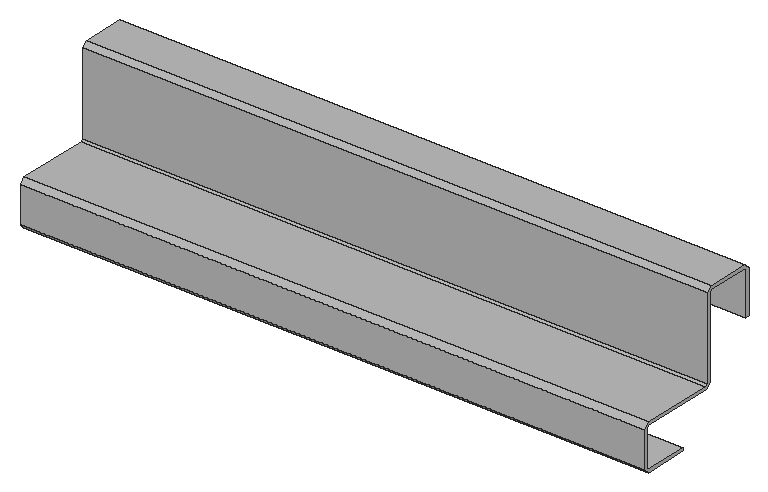
Revit family "Haworth_Patterns_FloatingBracket", category Furniture Systems, Revit 2018
Family settings
  Round Connector Dimension = Use Diameter
  Part Type = Normal
  OmniClass Number = 23.40.70.14.64.21
  OmniClass Title = Systems Furniture
  Work Plane-Based = No
  Always vertical = Yes
  Cut with Voids When Loaded = No
  Shared = No
  Room Calculation Point = No
Parameters (values of type "Bracket - 2.5 Gap")
  Warranty = "http://www.haworth.com/resources/product-info/warranties"
  URL - Product = "https://www.haworth.com/na/en/products/collaborative-conference/patterns.html"
  Type Comments = ""
  Sustainability Info = "http://www.haworth.com/company-info/sustainability"
  Model = "Haworth - Patterns Floating Bracket"  # constant formula
  URL = "https://www.haworth.com/na/en.html"
  Size = "Verify Final Dim. w/ Haworth"  # constant formula
  Revision Number = "2"  # constant formula
  Manufacturer = "Haworth"  # constant formula
  Gap Length = if([2.5 Gap], 2 39/128", 1 1/2")  # 2 39/128"
  Description = "Haworth - Patterns Floating Bracket"  # constant formula
  Bracket Finish = Haworth _ Paint _ Metallic Champagne
  Author = "Haworth (Hampton)"  # constant formula
  Assembly Code = "E2020200"
  Actual Width = 16 51/128"  # constant formula
  Actual Mounting Height = 27 7/8"
  Actual Depth = 3 99/256"  # constant formula
  2.5 Gap = yes
  1.5 Gap = not([2.5 Gap])  # no
Types (2): name | Gap Length | 2.5 Gap | 1.5 Gap
  Bracket - 1.5 Gap | 1 1/2" | no | yes
  Bracket - 2.5 Gap | 2 39/128" | yes | no
Reference planes (in)
  plane 1 "Center F/B": y = 0
  plane 2 "Floor": z = 0
  plane 3 "Center L/R": x = 0
  plane 4 "Bracket Edge Left": x = -8.19922
  plane 5 "Bracket Edge Right": x = 8.19922
  plane 6 "Table Edge Front": y = 3.38672
  plane 7 "Bracket Top": z = 27.875
  plane 8 "Bracket Bottom": z = 24.38672
  plane 9: z = 25.57031
Forms (in)
  Extrusion 1, solid, material "Haworth _ Paint _ Metallic Champagne" <- "Bracket Finish"
    sketch origin (-8.19922, -0.072, 0) x (0, 1, 0) y (0, 0, 1)
      loop
        line (3.38672, 26.625) -> (3.38672, 27.75405) -> (3.26577, 27.875) -> (2.175, 27.875) -> (2.053, 27.753) -> (2.053, 25.62031) -> (2.003, 25.57031) -> (0.122, 25.57031) -> (0, 25.44831) -> (0, 24.50872) -> (0.122, 24.38672) -> (1.25, 24.38672) -> (1.25, 24.45872) -> (0.122, 24.45872) -> (0.072, 24.50872) -> (0.072, 25.44831) -> (0.122, 25.49831) -> (2.003, 25.49831) -> (2.125, 25.62031) -> (2.125, 27.753) -> (2.175, 27.803) -> (3.265, 27.803) -> (3.315, 27.753) -> (3.315, 26.625) -> (3.38672, 26.625)
    from 0 to 16.39844
Lines and regions (in)
  symbolic lines, style "Haworth Hidden"
    curve 1: line (-8.19922, 3.31472, 0) -> (8.19922, 3.31472, 0)
    curve 2: line (-8.19922, -0.072, 0) -> (-8.19922, 3.31472, 0)
    curve 3: line (8.19922, -0.072, 0) -> (-8.19922, -0.072, 0)
    curve 4: line (8.19922, 3.31472, 0) -> (8.19922, -0.072, 0)
Dimensions and locks (in)
  "Actual Width": plane 4 "Bracket Edge Left" to plane 5 "Bracket Edge Right"
  equal spacing: plane 4 "Bracket Edge Left", plane 3 "Center L/R", plane 5 "Bracket Edge Right"
  "Actual Mounting Height": plane 7 "Bracket Top" to level
  "Actual Depth": plane 1 "Center F/B" to plane 6 "Table Edge Front"
  "Gap Length": plane 7 "Bracket Top" to plane 9
  locked: plane 9 to plane 8 "Bracket Bottom" at 1.18359
  aligned: nested 1 to plane 4 "Bracket Edge Left"  (x2)
  aligned and locked: plane 1 "Center F/B" to nested 1
  aligned and locked: Extrusion 1 to plane 4 "Bracket Edge Left"
  aligned and locked: plane 5 "Bracket Edge Right" to Extrusion 1
  aligned and locked: plane 9 to Extrusion 1 sketch curve
  aligned and locked: curve 1 to Extrusion 1
  aligned and locked: curve 2 to Extrusion 1
  aligned and locked: curve 3 to Extrusion 1
  aligned and locked: curve 4 to Extrusion 1
  aligned and locked: Extrusion 1 to plane 7 "Bracket Top"
  aligned and locked: plane 9 to Extrusion 1
  aligned and locked: Extrusion 1 to plane 1 "Center F/B"
  aligned and locked: Extrusion 1 to plane 8 "Bracket Bottom"
Automatic sketch dimensions
  plane 1 "Center F/B" to Extrusion 1 sketch curve = 0.072"
  Extrusion 1 sketch curve to plane 8 "Bracket Bottom" = 0"
  plane 7 "Bracket Top" to Extrusion 1 sketch curve = 0"
  Extrusion 1 sketch curve to plane 6 "Table Edge Front" = 0.072"
  Extrusion 1 sketch curve to Extrusion 1 sketch curve = 0.072"  (x3)
  Extrusion 1 sketch curve to Extrusion 1 sketch curve = 0.05"  (x7)
  Extrusion 1 sketch curve to plane 1 "Center F/B" = 0.05"
  Extrusion 1 sketch curve to Extrusion 1 sketch curve = 0"  (x6)
  Extrusion 1 sketch curve to Extrusion 1 sketch curve = 1.128"
  Extrusion 1 sketch curve to plane 6 "Table Edge Front" = 1.45572"
  plane 7 "Bracket Top" to Extrusion 1 sketch curve = 0.122"  (x2)
  Extrusion 1 sketch curve to plane 6 "Table Edge Front" = 1.40572"
  Extrusion 1 sketch curve to plane 6 "Table Edge Front" = 0.19372"
  Extrusion 1 sketch curve to Extrusion 1 sketch curve = 0.00077"
  Extrusion 1 sketch curve to plane 6 "Table Edge Front" = 0.14372"
  plane 8 "Bracket Bottom" to Extrusion 1 sketch curve = 0.072"
  plane 8 "Bracket Bottom" to Extrusion 1 sketch curve = 0.122"
  plane 7 "Bracket Top" to Extrusion 1 sketch curve = 1 1/4"
  Extrusion 1 sketch curve to Extrusion 1 sketch curve = 0.00105"
Nested families (in)
  nested 1: "Haworth_Worksurface-Supports-End" at (-42.75, 1.86431, 0), type "Haworth_Worksurface-Supports"
Definition of nested family "Haworth_Worksurface-Supports-End"
  Parameters
    Worksurface Height = 29"
    Worksurface Depth = 30"
    Warranty = ""
    URL - Product = ""
    URL = "www.haworth.com"
    Top Thickness = 1 3/16"
    Top Strut Thickness = 1 5/8"  # constant formula
    Sustainability Info = ""
    Support Thickness = if(Support Panel, 1 1/2", if(Support Post, 1 1/8", 1 3/4"))  # 1 1/2"
    Support Post = no
    Support Panel = yes
    Support P Leg = no
    Support Height = Actual Height - Top Thickness  # 27 13/16"
    Support Finish = none
    Support Double Leg = no
    Size = "Verify Final Dim. w/ Haworth"  # constant formula
    Revision Number = "1"  # constant formula
    Model = "Worksurface"
    Min/Max Height = "26-32 in."  # constant formula
    Min/Max Depth = "18-36 in."  # constant formula
    Min. Height = 20"  # constant formula
    Min. Depth = 18"  # constant formula
    Max. Height = 48"  # constant formula
    Max. Depth = 36"  # constant formula
    Manufacturer = "Haworth"  # constant formula
    Leg Support = or(Support P Leg, Support Double Leg)  # no
    LEED Data = ""
    Description = "Worksurface Support"  # constant formula
    Bottom Strut Thickness = 1"  # constant formula
    Bottom Strut Location = 9"  # constant formula
    Back Support Location = if(Support P Leg, 0", 1")  # 1"
    Author = "SHAPE Environments, LLC"  # constant formula
    Assembly Code = ""
    Actual Top Thickness = if(Top Thickness > 3", 3", if(Top Thickness < 1", 1", Top Thickness))  # 1 3/16"
    Actual Height = if(Worksurface Height > Max. Height, Max. Height, if(Worksurface Height < Min. Height, Min. Height, Worksurface Height))  # 29"
    Actual Depth = if(Worksurface Depth > Max. Depth, Max. Depth, if(Worksurface Depth < Min. Depth, Min. Depth, Worksurface Depth))  # 30"
  Reference planes (in)
    plane 1: z = 0
    plane 2 "Center L/R": x = 8.5
    plane 3 "Support Left Edge": x = 7.75
    plane 4 "Support Right Edge": x = 9.25
    plane 5 "Back": y = 7.13569
    plane 6 "Front": y = -22.86431
    plane 7 "Support Top": z = 27.8125
    plane 8 "Mid Strut Top": z = 21.3125
    plane 9 "Mid Strut Bottom": z = 20.3125
    plane 10 "Top Strut Bottom": z = 26.1875
    plane 11 "Front Support Exterior": y = -21.86431
    plane 12 "Front Support Interior": y = -20.86431
    plane 13 "Back Support Interior": y = 5.13569
    plane 14 "Back Support Exterior": y = 6.13569
  Forms (in)
    Extrusion 1, solid, material <- "Support Finish", visible <- "Support Panel"
      sketch origin (0, 0, 0) x (1, 0, 0) y (0, 1, 0)
        loop
          line (7.75, 7.13569) -> (7.75, -22.86431) -> (9.25, -22.86431) -> (9.25, 7.13569) -> (7.75, 7.13569)
      from 0 to 27.8125
    Extrusion 2, solid, material <- "Support Finish", visible <- "Support P Leg"
      sketch origin (8.5, 0, 0) x (0, 1, 0) y (0, 0, 1)
        loop
          line (6.13569, 20.3125) -> (6.13569, 27.8125) -> (5.13569, 27.8125) -> (5.13569, 21.3125) -> (-20.86431, 21.3125) -> (-20.86431, 27.8125) -> (-21.86431, 27.8125) -> (-21.86431, 0) -> (-20.86431, 0) -> (-20.86431, 20.3125) -> (6.13569, 20.3125)
      from -0.75 to 0.75
    Extrusion 3, solid, material <- "Support Finish", visible <- "Support Double Leg"
      sketch origin (8.5, 0, 0) x (0, 1, 0) y (0, 0, 1)
        loop
          line (5.13569, 20.3125) -> (5.13569, 0) -> (6.13569, 0) -> (6.13569, 27.8125) -> (5.13569, 27.8125) -> (5.13569, 21.3125) -> (-20.86431, 21.3125) -> (-20.86431, 27.8125) -> (-21.86431, 27.8125) -> (-21.86431, 0) -> (-20.86431, 0) -> (-20.86431, 20.3125) -> (5.13569, 20.3125)
      from -0.75 to 0.75
    Extrusion 4, solid, material <- "Support Finish", visible <- "Leg Support"
      sketch origin (8.5, 0, 0) x (0, 1, 0) y (0, 0, 1)
        loop
          line (5.13569, 27.8125) -> (-20.86431, 27.8125) -> (-20.86431, 26.1875) -> (5.13569, 26.1875) -> (5.13569, 27.8125)
      from -0.75 to 0.75
    Extrusion 5, solid, material <- "Support Finish", visible <- "Support Post"
      sketch origin (0, 0, 0) x (1, 0, 0) y (0, 1, 0)
        loop
          line (7.75, -21.86431) -> (9.25, -21.86431) -> (9.25, -18.61431) -> (7.75, -18.61431) -> (7.75, -21.86431)
      from 0 to 27.8125
  Lines and regions (in)
    Masking region 1, visible <- "Support Post"
      outline origin (0, 0, 0) x (1, 0, 0) y (0, 1, 0)
        loop
          line (7.75, -18.61431) -> (7.75, -21.86431) -> (9.25, -21.86431) -> (9.25, -18.61431) -> (7.75, -18.61431)
    Masking region 2, visible <- "Support Panel"
      outline origin (0, 0, 0) x (1, 0, 0) y (0, 1, 0)
        loop
          line (9.25, -22.86431) -> (9.25, 7.13569) -> (7.75, 7.13569) -> (7.75, -22.86431) -> (9.25, -22.86431)
    Masking region 3, visible <- "Leg Support"
      outline origin (0, 0, 0) x (1, 0, 0) y (0, 1, 0)
        loop
          line (7.75, 6.13569) -> (7.75, -21.86431) -> (9.25, -21.86431) -> (9.25, 6.13569) -> (7.75, 6.13569)
  Dimensions and locks (in)
    "Support Thickness": plane 3 "Support Left Edge" to plane 4 "Support Right Edge"
    equal spacing: plane 3 "Support Left Edge", plane 2 "Center L/R", plane 4 "Support Right Edge"
    "Actual Depth": plane 5 "Back" to plane 6 "Front"
    "Top Strut Thickness": plane 7 "Support Top" to plane 10 "Top Strut Bottom"
    "Bottom Strut Thickness": plane 8 "Mid Strut Top" to plane 9 "Mid Strut Bottom"
    "Support Height": plane 7 "Support Top" to level
    "Back Support Location": plane 5 "Back" to plane 14 "Back Support Exterior"
    locked: plane 14 "Back Support Exterior" to plane 13 "Back Support Interior" at 1
    plane 12 "Front Support Interior" to plane 11 "Front Support Exterior" to plane 6 "Front" = 1" locked, 1" locked
    plane 11 "Front Support Exterior" to Extrusion 5 sketch curve = 3 1/4"
    locked: plane 7 "Support Top" to plane 9 "Mid Strut Bottom" at 7.5
    aligned and locked: plane 3 "Support Left Edge" to Extrusion 1 sketch curve
    aligned and locked: Extrusion 1 sketch curve to plane 5 "Back"
    aligned and locked: plane 6 "Front" to Extrusion 1 sketch curve
    aligned and locked: Extrusion 1 sketch curve to plane 4 "Support Right Edge"
    aligned and locked: plane 7 "Support Top" to Extrusion 1
    aligned: Extrusion 1 to level
    aligned and locked: Extrusion 1 to plane 7 "Support Top"
    aligned and locked: Extrusion 1 to plane 1
    aligned and locked: plane 1 to Extrusion 1
    aligned and locked: plane 9 "Mid Strut Bottom" to Extrusion 2 sketch curve
    aligned and locked: plane 8 "Mid Strut Top" to Extrusion 2 sketch curve
    aligned and locked: plane 12 "Front Support Interior" to Extrusion 2 sketch curve
    aligned and locked: plane 11 "Front Support Exterior" to Extrusion 2 sketch curve
    aligned and locked: plane 7 "Support Top" to Extrusion 2 sketch curve
    aligned and locked: level to Extrusion 2 sketch curve
    aligned and locked: plane 13 "Back Support Interior" to Extrusion 3 sketch curve
    aligned and locked: Extrusion 3 sketch curve to plane 13 "Back Support Interior"
    aligned and locked: Extrusion 3 sketch curve to plane 14 "Back Support Exterior"
    aligned and locked: Extrusion 3 sketch curve to plane 7 "Support Top"  (x2)
    aligned and locked: Extrusion 3 sketch curve to plane 11 "Front Support Exterior"
    aligned and locked: Extrusion 3 sketch curve to plane 12 "Front Support Interior"  (x2)
    aligned and locked: Extrusion 3 sketch curve to plane 9 "Mid Strut Bottom"
    aligned and locked: Extrusion 3 sketch curve to plane 8 "Mid Strut Top"
    aligned and locked: plane 3 "Support Left Edge" to Extrusion 3
    aligned and locked: plane 3 "Support Left Edge" to Extrusion 2
    aligned and locked: plane 4 "Support Right Edge" to Extrusion 3
    aligned and locked: plane 4 "Support Right Edge" to Extrusion 2
    aligned and locked: plane 13 "Back Support Interior" to Extrusion 2 sketch curve
    aligned and locked: Extrusion 2 sketch curve to plane 14 "Back Support Exterior"
    aligned and locked: plane 13 "Back Support Interior" to Extrusion 4 sketch curve
    aligned and locked: plane 10 "Top Strut Bottom" to Extrusion 4 sketch curve
    aligned and locked: plane 7 "Support Top" to Extrusion 4 sketch curve
    aligned and locked: plane 12 "Front Support Interior" to Extrusion 4 sketch curve
    aligned and locked: Extrusion 2 to Extrusion 5 sketch curve
    aligned and locked: Extrusion 5 sketch curve to Extrusion 2
    aligned and locked: plane 4 "Support Right Edge" to Extrusion 5 sketch curve
    aligned and locked: plane 7 "Support Top" to Extrusion 5
    aligned and locked: plane 3 "Support Left Edge" to Masking region 1 sketch curve
    aligned and locked: Masking region 1 sketch curve to Extrusion 5
    aligned and locked: Extrusion 2 to Masking region 1 sketch curve
    aligned and locked: Masking region 1 sketch curve to Extrusion 2
    aligned and locked: Masking region 2 sketch curve to Extrusion 1  (x3)
    aligned and locked: Extrusion 1 to Masking region 2 sketch curve
    aligned and locked: Masking region 3 sketch curve to Extrusion 2  (x3)
    aligned and locked: plane 3 "Support Left Edge" to Extrusion 4
    aligned and locked: plane 4 "Support Right Edge" to Extrusion 4
  Automatic sketch dimensions
    Extrusion 2 sketch curve to Extrusion 2 sketch curve = 0"
    Extrusion 2 sketch curve to plane 7 "Support Top" = 0"
    Extrusion 3 sketch curve to level = 0"  (x2)
    plane 11 "Front Support Exterior" to Masking region 3 sketch curve = 0"
